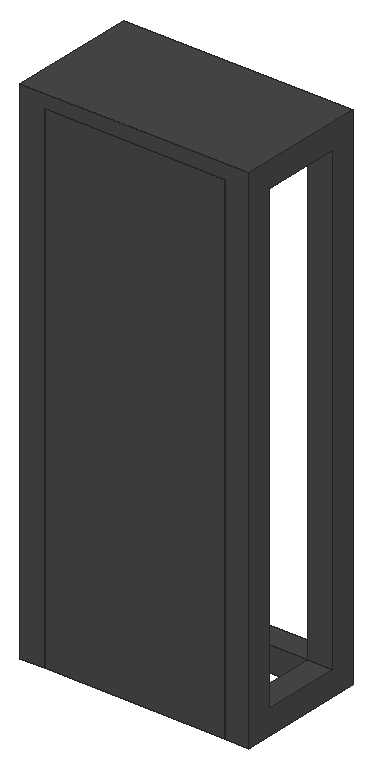
Revit family "3-724-xx Aperto", category Lighting Fixtures, host Wall, Revit 2018
Family settings
  Host = Wall
  Round Connector Dimension = Use Diameter
  Part Type = Normal
  OmniClass Number = 23.80.70.00
  OmniClass Title = Lighting
  Always vertical = Yes
  Cut with Voids When Loaded = No
  Light Source = Yes
  Shared = No
  Room Calculation Point = No
Parameters (values of type "3-724-15 / Black - White Frost Glass")
  Width = 8.00"
  Wattage Comments = "18.51 W at 120 V"  # constant formula
  Wattage = 18.51 W
  built-in parameter 1150110 = 1 (stored number, unit not read)
  Voltage Input = "120 V or 277 V - 50/60 Hz"  # constant formula
  Voltage = 120 V
  URL = "www.oxygenlighting.com"
  built-in parameter 1114217 = 1 (stored number, unit not read)
  Tilt Angle = 0.00°
  built-in parameter 1150109 = 1 (stored number, unit not read)
  built-in parameter 1150134 = (empty or 0)
  built-in parameter 1150113 = 1 (stored number, unit not read)
  References = "Ref. 3 = 120 V / Ref. 37 = 277 V"  # constant formula
  Photometric Web File = "3-724-15 Aperto Outdoor.ies"
  Model = "3-724-xx Aperto Outdoor"  # constant formula
  Metal Finish = 15 - Black
  Manufacturer = "Oxygen - Lighting & Fans"  # constant formula
  Main Diffuser = White Frost Glass
  Lumens = 795.93 lm
  built-in parameter 1150115 = 1 (stored number, unit not read)
  built-in parameter 1150105 = 63.338 (stored number, unit not read)
  built-in parameter 1150137 = (empty or 0)
  built-in parameter 1150139 = (empty or 0)
  Length = 4.50"
  built-in parameter 1150112 = 1 (stored number, unit not read)
  built-in parameter 1150114 = 1 (stored number, unit not read)
  Lamp = "LED Array"  # constant formula
  built-in parameter 1150132 = (empty or 0)
  built-in parameter 1150102 = (empty or 0)
  built-in parameter 1150138 = (empty or 0)
  built-in parameter 1150107 = 3000 (stored number, unit not read)
  built-in parameter 1150106 = 0.63338 (stored number, unit not read)
  Height = 18.00"
  built-in parameter 1150104 = 3.9948 (stored number, unit not read)
  Dimming Lamp Color Temperature Shift = <None>
  Diffuser Height = 17.00"
  Color Filter = 16777215
  built-in parameter 1114218 = 1 (stored number, unit not read)
  built-in parameter 1150133 = 10 (stored number, unit not read)
Reference planes (in)
  plane 1: y = 0
  plane 2 "Light Source Axis (F/B)": y = 5.25
  plane 3 "Light Source Axis (L/R)": x = -1.43133
  plane 4 "Light Source Elevation": z = 77.42225
  plane 5 "Wall Face": y = 3
  plane 6: y = 7.5
Forms (in)
  Extrusion 1, solid, material "15 - Black" <- "Metal Finish"
    sketch origin (0, 3, 0) x (1, 0, 0) y (0, 0, 1)
      loop
        line (2.56867, 86.42225) -> (-5.43133, 86.42225) -> (-5.43133, 68.42225) -> (2.56867, 68.42225) -> (2.56867, 86.42225)
      loop
        line (-4.56518, 69.28839) -> (1.70253, 69.28839) -> (1.70253, 85.55611) -> (-4.56518, 85.55611) -> (-4.56518, 69.28839)
    from -4.5 to -3.63386
  Revolve 2, solid, material "White Frost Glass" <- "Main Diffuser"
    sketch origin (0, 5.25, 0) x (1, 0, 0) y (0, 0, 1)
      loop
        line (-1.43133, 85.92225) -> (-2.61243, 85.92225) -> (-2.61243, 68.92225) -> (-1.43133, 68.92225) -> (-1.43133, 85.92225)
      axis (-1.43133, 68.92225) -> (-1.43133, 85.92225)
    angle from 0 to 360
  Revolve 3, solid, material "15 - Black" <- "Metal Finish"
    sketch origin (0, 5.25, 0) x (1, 0, 0) y (0, 0, 1)
      loop
        line (-1.43133, 68.92225) -> (-2.61243, 68.92225) -> (-2.61243, 68.73994) -> (-1.43133, 68.73994) -> (-1.43133, 68.92225)
      axis (-1.43133, 68.73994) -> (-1.43133, 68.92225)
    angle from 0 to 360
  Extrusion 4, solid, material "15 - Black" <- "Metal Finish"
    sketch origin (-1.43133, 0, 0) x (0, -1, 0) y (0, 0, 1)
      loop
        line (-6.63386, 86.42225) -> (-6.63386, 85.55611) -> (-3.86614, 85.55611) -> (-3.86614, 69.28839) -> (-6.63386, 69.28839) -> (-6.63386, 68.42225) -> (-3, 68.42225) -> (-3, 86.42225) -> (-6.63386, 86.42225)
    from -4 to -3.13386
  Extrusion 5, solid, material "15 - Black" <- "Metal Finish"
    sketch origin (-1.43133, 0, 0) x (0, -1, 0) y (0, 0, 1)
      loop
        line (-6.63386, 86.42225) -> (-6.63386, 85.55611) -> (-3.86614, 85.55611) -> (-3.86614, 69.28839) -> (-6.63386, 69.28839) -> (-6.63386, 68.42225) -> (-3, 68.42225) -> (-3, 86.42225) -> (-6.63386, 86.42225)
    from 3.13386 to 4
  Extrusion 6, solid, material "15 - Black" <- "Metal Finish"
    sketch origin (0, 5.25, 0) x (1, 0, 0) y (0, 0, 1)
      loop
        line (1.70253, 86.42225) -> (-4.56518, 86.42225) -> (-4.56518, 85.92225) -> (1.70253, 85.92225) -> (1.70253, 86.42225)
    from -1.38386 to 2.25
  Extrusion 7, solid, material "15 - Black" <- "Metal Finish"
    sketch origin (0, 5.25, 0) x (1, 0, 0) y (0, 0, 1)
      loop
        line (1.70253, 85.92225) -> (-4.56518, 85.92225) -> (-4.56518, 68.42225) -> (1.70253, 68.42225) -> (1.70253, 85.92225)
    from 1.34449 to 2.25
Cuts and joins
  joined: Extrusion 1, Extrusion 4, Extrusion 5, Extrusion 6
Text (in)
  text "Placement Side" at (0, 40.15149, 123.01588), in view "Right"
  text "Placement Side" at (-70.3804, 56.61594, 0), in view "Ref. Level"
  text "Placement Side" at (0, 47.49176, 140.59947), in view "Left"
Dimensions and locks (in)
  locked: Extrusion 1 sketch curve to Extrusion 1 sketch curve at 0.86614  (x4)
  "Width": Extrusion 1 to Extrusion 1
  equal spacing: Extrusion 1, imposter light, Extrusion 1
  "Height": Extrusion 1 to Extrusion 1
  locked: Revolve 2 sketch curve to plane 3 "Light Source Axis (L/R)" at 1.1811
  equal spacing: Revolve 2 sketch curve, plane 4 "Light Source Elevation", Revolve 2 sketch curve
  "Diffuser Height": Revolve 2 sketch curve to Revolve 2 sketch curve
  equal spacing: Extrusion 1, plane 4 "Light Source Elevation", Extrusion 1
  locked: Revolve 3 to Revolve 3 at 0.18231
  locked: Extrusion 4 sketch curve to Extrusion 4 sketch curve at 0.86614
  locked: Extrusion 5 sketch curve to Extrusion 5 sketch curve at 0.86614
  locked: Extrusion 4 to Extrusion 7 at 0.90551
  locked: cut or joined group of Extrusion 1, Extrusion 4, Extrusion 5, Extrusion 6 to cut or joined group of Extrusion 1, Extrusion 4, Extrusion 5, Extrusion 6 at 0.86614
  "Length": plane 5 "Wall Face" to plane 6
  equal spacing: plane 6, plane 2 "Light Source Axis (F/B)", plane 5 "Wall Face"
  aligned and locked: plane 3 "Light Source Axis (L/R)" to imposter light
  aligned and locked: plane 2 "Light Source Axis (F/B)" to imposter light
  aligned and locked: plane 4 "Light Source Elevation" to imposter light
  aligned and locked: imposter light to Revolve 2 sketch curve
  aligned and locked: plane 3 "Light Source Axis (L/R)" to Revolve 2 sketch curve
  aligned and locked: Revolve 3 to Revolve 2
  aligned and locked: Extrusion 1 to Extrusion 4 sketch curve  (x2)
  aligned and locked: Extrusion 4 sketch curve to Extrusion 1  (x4)
  aligned and locked: Extrusion 4 to Extrusion 1  (x2)
  aligned and locked: Extrusion 5 to Extrusion 1
  aligned and locked: Extrusion 1 to Extrusion 5
  aligned and locked: Extrusion 1 to Extrusion 5 sketch curve  (x2)
  aligned and locked: Extrusion 5 sketch curve to Extrusion 1
  aligned and locked: Extrusion 4 to Extrusion 5 sketch curve
  aligned and locked: Extrusion 1 to Extrusion 6 sketch curve
  aligned and locked: Extrusion 5 to Extrusion 6 sketch curve
  aligned and locked: Extrusion 6 sketch curve to Revolve 2
  aligned and locked: Extrusion 6 sketch curve to Extrusion 1
  aligned and locked: Extrusion 4 to Extrusion 6
  aligned and locked: Extrusion 7 sketch curve to Extrusion 1  (x3)
  aligned and locked: Extrusion 7 sketch curve to Extrusion 6
  aligned and locked: Extrusion 4 to Extrusion 7
  aligned and locked: Extrusion 6 to Extrusion 4
  aligned and locked: cut or joined group of Extrusion 1, Extrusion 4, Extrusion 5, Extrusion 6 to host wall  (x2)
  aligned and locked: cut or joined group of Extrusion 1, Extrusion 4, Extrusion 5, Extrusion 6 to cut or joined group of Extrusion 1, Extrusion 4, Extrusion 5, Extrusion 6  (x2)
  aligned and locked: plane 5 "Wall Face" to host wall
  aligned and locked: plane 6 to cut or joined group of Extrusion 1, Extrusion 4, Extrusion 5, Extrusion 6
Automatic sketch dimensions
  plane 3 "Light Source Axis (L/R)" to Revolve 3 sketch curve = 0.00"  (x2)
  plane 3 "Light Source Axis (L/R)" to Revolve 3 sketch curve = 1.1811"
  plane 4 "Light Source Elevation" to Revolve 3 sketch curve = 8.68231"
  Revolve 3 sketch curve to Revolve 3 sketch curve = 0.18231"
  Revolve 3 sketch curve to Revolve 3 sketch curve = 6.1484"
  Revolve 3 sketch curve to plane 4 "Light Source Elevation" = 12.00"
  host wall to Extrusion 4 sketch curve = 0.00"
  host wall to Extrusion 5 sketch curve = 0.00"
  Extrusion 5 sketch curve to plane 2 "Light Source Axis (F/B)" = 1.38386"  (x2)
  Revolve 2 sketch curve to Revolve 2 sketch curve = 6.39351"  (x2)
  plane 3 "Light Source Axis (L/R)" to Extrusion 1 sketch curve = 4.00"
  Extrusion 1 sketch curve to plane 3 "Light Source Axis (L/R)" = 3.13386"
  plane 4 "Light Source Elevation" to Extrusion 1 sketch curve = 9.00"
  Extrusion 1 sketch curve to plane 4 "Light Source Elevation" = 8.13386"
Connectors (in)
  electrical at (-1.43133, 3, 77.29725), driven by "Voltage"
    settings: on cut or joined group of Extrusion 1, Extrusion 4, Extrusion 5, Extrusion 6, index 1, voltage 120 V, apparent load 0 VA, apparent load phase1 0 VA, apparent load phase2 0 VA, apparent load phase3 0 VA, power factor 1, load classification "Other", number of poles 1, system type 31, power factor state 1, is connector primary yes, connector utility no, sub classification motor no, connector description ""
